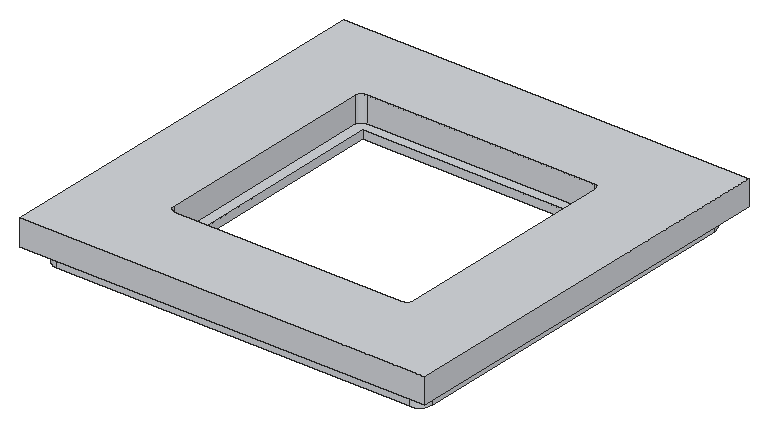
Revit family "Gira_021118", category Electrical Fixtures, host Face, Revit 2017
Family settings
  Host = Face
  Maintain Annotation Orientation = No
  Round Connector Dimension = Use Diameter
  Part Type = Normal
  Cut with Voids When Loaded = No
  Shared = No
  Room Calculation Point = No
Parameters (values of type "Cov.fr. 1-g Gira Esprit mint gl.")
  With mounting grid = "No"
  With hinged lid = "No"
  URL = "http://katalog.gira.de/en/datenblatt.html?artikelnr=021118"
  Type of fastening = "Clamp mounting"
  Transparent = "No"
  Surface protection = "Other"
  Suitable for wall duct = "No"
  Suitable for flush-mounted installation = "Yes"
  Suitable for floor box = "No"
  Suitable for built-in installation = "No"
  Number of units vertical = "1"
  Number of units horizontal = "1"
  Number of units = "1"
  Name = "Cov.fr. 1-g Gira Esprit mint gl."
  Mounting direction = "Horizontal and vertical"
  Material quality = "Real glass"
  Material = "Glass"
  Manufacturer URL = "https://www.gira.de/"
  Manufacturer = "Gira"
  Label space/information surface = "No"
  Keynote = ""
  HeinzeBIM = "https://bimportal.heinze.de/bim/cov-fr-1-g-gira-esprit-mint-gl-/4a6d82098342aeee2c2295dfc8535e5c8e2b3826"
  Halogen free = "No"
  HAN = "021118"
  GTIN = "4010337211181"
  Description = "Cov.fr.1g Espr. GMi,Gira Esprit cover frame,mint glass,1-gang,"
  Degree of protection (IP) = "IP20"
  Default Elevation = 1219.2 mm
  Data sheet (1) = "https://katalog.gira.de/en/download.html?artikelnr=021118"
  Colour = "Green"
  Category = "Cover frame for domestic switching devices"
  BIM (1) = "https://media.stage.bim.site/public/gira/36a6b08/Espr._Rahmen_1fach.rfa"
  Available = "No"
Reference planes
  plane 1 "Center (Front/Back)": y = 0
  plane 2: z = 0
  plane 3 "Center (Left/Right)": x = 0
Forms (mm)
  Extrusion 1, solid, detail levels fine
    sketch origin (0, 0, 0) x (1, 0, 0) y (0, 1, 0)
      loop
        line (-47.5, 47.5) -> (-47.5, -47.5) -> (47.5, -47.5) -> (47.5, 47.5) -> (-47.5, 47.5)
      loop
        arc (-28.2, -26.7) -> (-27.761, -27.761) -> (-26.7, -28.2) r 1.5
        line (-26.7, -28.2) -> (26.7, -28.2)
        arc (26.7, -28.2) -> (27.761, -27.761) -> (28.2, -26.7) r 1.5
        line (28.2, -26.7) -> (28.2, 26.7)
        arc (28.2, 26.7) -> (27.761, 27.761) -> (26.7, 28.2) r 1.5
        line (26.7, 28.2) -> (-26.7, 28.2)
        arc (-26.7, 28.2) -> (-27.761, 27.761) -> (-28.2, 26.7) r 1.5
        line (-28.2, 26.7) -> (-28.2, -26.7)
    from 0 to 6
  Extrusion 2, solid, detail levels fine
    sketch origin (0, 0, 0) x (1, 0, 0) y (0, 1, 0)
      loop
        line (-25.7, -25.7) -> (25.7, -25.7) -> (25.7, 25.7) -> (-25.7, 25.7) -> (-25.7, -25.7)
      loop
        arc (-43.1, -41.3) -> (-42.573, -42.573) -> (-41.3, -43.1) r 1.8
        line (-41.3, -43.1) -> (41.3, -43.1)
        arc (41.3, -43.1) -> (42.573, -42.573) -> (43.1, -41.3) r 1.8
        line (43.1, -41.3) -> (43.1, 41.3)
        arc (43.1, 41.3) -> (42.573, 42.573) -> (41.3, 43.1) r 1.8
        line (41.3, 43.1) -> (-41.3, 43.1)
        arc (-41.3, 43.1) -> (-42.573, 42.573) -> (-43.1, 41.3) r 1.8
        line (-43.1, 41.3) -> (-43.1, -41.3)
    from -1.9 to 0
  Extrusion 3, solid, detail levels fine
    sketch origin (0, 0, 0) x (1, 0, 0) y (0, 1, 0)
      loop
        arc (-41.4, 44.4) -> (-43.521, 43.521) -> (-44.4, 41.4) r 3
        line (-44.4, 41.4) -> (-44.4, -41.4)
        arc (-44.4, -41.4) -> (-43.521, -43.521) -> (-41.4, -44.4) r 3
        line (-41.4, -44.4) -> (41.4, -44.4)
        arc (41.4, -44.4) -> (43.521, -43.521) -> (44.4, -41.4) r 3
        line (44.4, -41.4) -> (44.4, 41.4)
        arc (44.4, 41.4) -> (43.521, 43.521) -> (41.4, 44.4) r 3
        line (41.4, 44.4) -> (-41.4, 44.4)
      loop
        line (-43.1, 41.3) -> (-43.1, -41.3)
        arc (-43.1, -41.3) -> (-42.573, -42.573) -> (-41.3, -43.1) r 1.8
        line (-41.3, -43.1) -> (41.3, -43.1)
        arc (41.3, -43.1) -> (42.573, -42.573) -> (43.1, -41.3) r 1.8
        line (43.1, -41.3) -> (43.1, 41.3)
        arc (43.1, 41.3) -> (42.573, 42.573) -> (41.3, 43.1) r 1.8
        line (41.3, 43.1) -> (-41.3, 43.1)
        arc (-41.3, 43.1) -> (-42.573, 42.573) -> (-43.1, 41.3) r 1.8
    from -3.7 to 0
  Extrusion 4, solid, detail levels medium
    sketch origin (0, 0, 0) x (1, 0, 0) y (0, 1, 0)
      loop
        line (-47.5, 47.5) -> (-47.5, -47.5) -> (47.5, -47.5) -> (47.5, 47.5) -> (-47.5, 47.5)
    from 0 to 6
  Extrusion 5, solid, detail levels medium
    sketch origin (0, 0, 0) x (1, 0, 0) y (0, 1, 0)
      loop
        line (-44.4, 44.4) -> (-44.4, -44.4) -> (44.4, -44.4) -> (44.4, 44.4) -> (-44.4, 44.4)
    from -3.7 to 0
  Extrusion 6, solid, detail levels coarse
    sketch origin (0, 0, 0) x (1, 0, 0) y (0, 1, 0)
      loop
        line (-47.5, 47.5) -> (-47.5, -47.5) -> (47.5, -47.5) -> (47.5, 47.5) -> (-47.5, 47.5)
    from -3.7 to 6
Dimensions and locks
  aligned and locked: plane 2 to host face
  aligned and locked: level to host face
